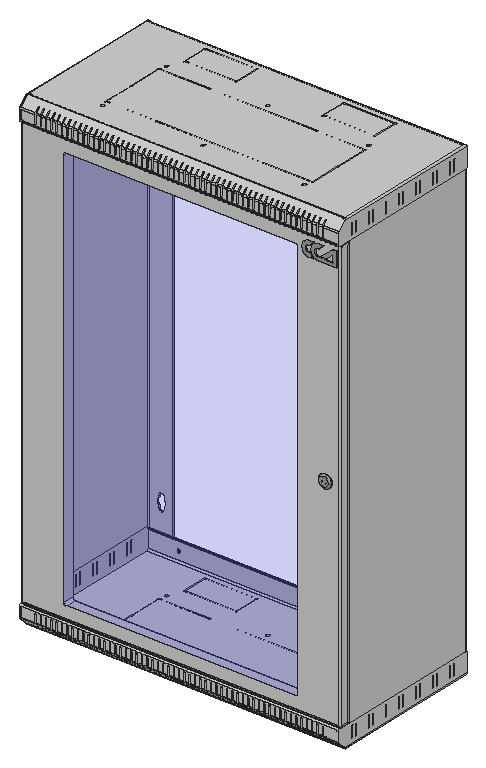
Revit family "Шкаф телекоммуникационный настенный сварной 19” 600х350", category Обобщенные модели, Revit 2019 (continued)
Definition of nested family "Крышка 300"
  Forms (mm)
    Extrusion 97, void, detail levels fine
      sketch origin (197.434, 67.262, -39.994) x (1, 0, 0) y (0, 1, 0)
        loop
          arc (31.066, 148.933) -> (32.566, 147.433) -> (34.066, 148.933) r 1.5
          line (34.066, 148.933) -> (34.066, 172.333)
          arc (34.066, 172.333) -> (32.566, 173.833) -> (31.066, 172.333) r 1.5
      from 339.994 to 300 <- "ADSK_Размер_Глубина"
    Extrusion 98, void, detail levels fine
      sketch origin (207.434, 67.262, -39.994) x (1, 0, 0) y (0, 1, 0)
        loop
          line (31.066, 172.333) -> (31.066, 148.933)
          arc (31.066, 148.933) -> (32.566, 147.433) -> (34.066, 148.933) r 1.5
          line (34.066, 148.933) -> (34.066, 172.333)
          arc (34.066, 172.333) -> (32.566, 173.833) -> (31.066, 172.333) r 1.5
      from 339.994 to 300 <- "ADSK_Размер_Глубина"
    Extrusion 99, void, detail levels fine
      sketch origin (217.434, 67.262, -39.994) x (1, 0, 0) y (0, 1, 0)
        loop
          line (31.066, 172.333) -> (31.066, 148.933)
          arc (31.066, 148.933) -> (32.566, 147.433) -> (34.066, 148.933) r 1.5
          line (34.066, 148.933) -> (34.066, 172.333)
          arc (34.066, 172.333) -> (32.566, 173.833) -> (31.066, 172.333) r 1.5
      from 339.994 to 300 <- "ADSK_Размер_Глубина"
    Extrusion 100, void, detail levels fine
      sketch origin (227.434, 67.262, -39.994) x (1, 0, 0) y (0, 1, 0)
        loop
          line (31.066, 172.333) -> (31.066, 148.933)
          arc (31.066, 148.933) -> (32.566, 147.433) -> (34.066, 148.933) r 1.5
          line (34.066, 148.933) -> (34.066, 172.333)
          arc (34.066, 172.333) -> (32.566, 173.833) -> (31.066, 172.333) r 1.5
      from 339.994 to 300 <- "ADSK_Размер_Глубина"
    Extrusion 101, void, detail levels fine
      sketch origin (237.434, 67.262, -39.994) x (1, 0, 0) y (0, 1, 0)
        loop
          line (31.066, 172.333) -> (31.066, 148.933)
          arc (31.066, 148.933) -> (32.566, 147.433) -> (34.066, 148.933) r 1.5
          line (34.066, 148.933) -> (34.066, 172.333)
          arc (34.066, 172.333) -> (32.566, 173.833) -> (31.066, 172.333) r 1.5
      from 339.994 to 300 <- "ADSK_Размер_Глубина"
    Extrusion 102, void, detail levels fine
      sketch origin (0, 0, 0) x (1, 0, 0) y (0, 1, 0)
        loop
          circle (-240, 230) r 3.25
        loop
          circle (240, 230) r 3.25
      from 0 to 1
    Extrusion 103, void, detail levels fine
      sketch origin (0, 0, -44.506) x (0, 1, 0) y (0, 0, -1)
        loop
          arc (238.196, -276.499) -> (239.942, -274.752) -> (238.196, -273.006) r 1.747
          line (238.196, -273.006) -> (216.196, -273.006)
          arc (216.196, -273.006) -> (214.449, -274.752) -> (216.196, -276.499) r 1.747
          line (216.196, -276.499) -> (238.196, -276.499)
      from 299 to 300
    Extrusion 104, void, detail levels fine
      sketch origin (0, 0, -34.506) x (0, 1, 0) y (0, 0, -1)
        loop
          arc (238.196, -276.499) -> (239.942, -274.752) -> (238.196, -273.006) r 1.747
          line (238.196, -273.006) -> (216.196, -273.006)
          arc (216.196, -273.006) -> (214.449, -274.752) -> (216.196, -276.499) r 1.747
          line (216.196, -276.499) -> (238.196, -276.499)
      from 299 to 300
    Extrusion 105, void, detail levels fine
      sketch origin (0, 0, -24.506) x (0, 1, 0) y (0, 0, -1)
        loop
          arc (238.196, -276.499) -> (239.942, -274.752) -> (238.196, -273.006) r 1.747
          line (238.196, -273.006) -> (216.196, -273.006)
          arc (216.196, -273.006) -> (214.449, -274.752) -> (216.196, -276.499) r 1.747
          line (216.196, -276.499) -> (238.196, -276.499)
      from 299 to 300
    Extrusion 106, void, detail levels fine
      sketch origin (0, 0, -14.506) x (0, 1, 0) y (0, 0, -1)
        loop
          arc (238.196, -276.499) -> (239.942, -274.752) -> (238.196, -273.006) r 1.747
          line (238.196, -273.006) -> (216.196, -273.006)
          arc (216.196, -273.006) -> (214.449, -274.752) -> (216.196, -276.499) r 1.747
          line (216.196, -276.499) -> (238.196, -276.499)
      from 299 to 300
    Extrusion 107, void, detail levels fine
      sketch origin (0, 0, -4.506) x (0, 1, 0) y (0, 0, -1)
        loop
          arc (238.196, -276.499) -> (239.942, -274.752) -> (238.196, -273.006) r 1.747
          line (238.196, -273.006) -> (216.196, -273.006)
          arc (216.196, -273.006) -> (214.449, -274.752) -> (216.196, -276.499) r 1.747
          line (216.196, -276.499) -> (238.196, -276.499)
      from 299 to 300
    Extrusion 108, void, detail levels fine
      sketch origin (0, 0, -44.506) x (0, 1, 0) y (0, 0, 1)
        loop
          line (238.196, 276.499) -> (216.196, 276.499)
          arc (216.196, 276.499) -> (214.449, 274.752) -> (216.196, 273.006) r 1.747
          line (216.196, 273.006) -> (238.196, 273.006)
          arc (238.196, 273.006) -> (239.942, 274.752) -> (238.196, 276.499) r 1.747
      from 299 to 300
    Extrusion 109, void, detail levels fine
      sketch origin (0, 0, -34.506) x (0, 1, 0) y (0, 0, 1)
        loop
          line (238.196, 276.499) -> (216.196, 276.499)
          arc (216.196, 276.499) -> (214.449, 274.752) -> (216.196, 273.006) r 1.747
          line (216.196, 273.006) -> (238.196, 273.006)
          arc (238.196, 273.006) -> (239.942, 274.752) -> (238.196, 276.499) r 1.747
      from 299 to 300
    Extrusion 110, void, detail levels fine
      sketch origin (0, 0, -24.506) x (0, 1, 0) y (0, 0, 1)
        loop
          line (238.196, 276.499) -> (216.196, 276.499)
          arc (216.196, 276.499) -> (214.449, 274.752) -> (216.196, 273.006) r 1.747
          line (216.196, 273.006) -> (238.196, 273.006)
          arc (238.196, 273.006) -> (239.942, 274.752) -> (238.196, 276.499) r 1.747
      from 299 to 300
    Extrusion 111, void, detail levels fine
      sketch origin (0, 0, -14.506) x (0, 1, 0) y (0, 0, 1)
        loop
          line (238.196, 276.499) -> (216.196, 276.499)
          arc (216.196, 276.499) -> (214.449, 274.752) -> (216.196, 273.006) r 1.747
          line (216.196, 273.006) -> (238.196, 273.006)
          arc (238.196, 273.006) -> (239.942, 274.752) -> (238.196, 276.499) r 1.747
      from 299 to 300
    Extrusion 112, void, detail levels fine
      sketch origin (0, 0, -4.506) x (0, 1, 0) y (0, 0, 1)
        loop
          line (238.196, 276.499) -> (216.196, 276.499)
          arc (216.196, 276.499) -> (214.449, 274.752) -> (216.196, 273.006) r 1.747
          line (216.196, 273.006) -> (238.196, 273.006)
          arc (238.196, 273.006) -> (239.942, 274.752) -> (238.196, 276.499) r 1.747
      from 299 to 300
  Cuts and joins
    Extrusion 3, Extrusion 4, Extrusion 5, Extrusion 6, Extrusion 7, Extrusion 8, Extrusion 9, Extrusion 10, Extrusion 11, Extrusion 12, Extrusion 13, Extrusion 14, Extrusion 15, Extrusion 16, Extrusion 17, Extrusion 18, Extrusion 19, Extrusion 20, Extrusion 21, Extrusion 22, Extrusion 23, Extrusion 24, Extrusion 25, Extrusion 26, Extrusion 27, Extrusion 28, Extrusion 29, Extrusion 30, Extrusion 31, Extrusion 32, Extrusion 33, Extrusion 34, Extrusion 35, Extrusion 36, Extrusion 37, Extrusion 38, Extrusion 39, Extrusion 40, Extrusion 41, Extrusion 42, Extrusion 43, Extrusion 44, Extrusion 45, Extrusion 46, Extrusion 47, Extrusion 48, Extrusion 49, Extrusion 50, Extrusion 51, Extrusion 52, Extrusion 53, Extrusion 54, Extrusion 55, Extrusion 56, Extrusion 57, Extrusion 58, Extrusion 59, Extrusion 60, Extrusion 61, Extrusion 62, Extrusion 63, Extrusion 64, Extrusion 65, Extrusion 66, Extrusion 67, Extrusion 68, Extrusion 69, Extrusion 70, Extrusion 71, Extrusion 72, Extrusion 73, Extrusion 74, Extrusion 75, Extrusion 76, Extrusion 77, Extrusion 78, Extrusion 79, Extrusion 80, Extrusion 81, Extrusion 82, Extrusion 83, Extrusion 84, Extrusion 85, Extrusion 86, Extrusion 87, Extrusion 88, Extrusion 89, Extrusion 90, Extrusion 91, Extrusion 92, Extrusion 93, Extrusion 94, Extrusion 95, Extrusion 96, Extrusion 97, Extrusion 98, Extrusion 99, Extrusion 100, Extrusion 101, Extrusion 102, Extrusion 103, Extrusion 104, Extrusion 105, Extrusion 106, Extrusion 107, Extrusion 108, Extrusion 109, Extrusion 110, Extrusion 111, Extrusion 112 cuts Extrusion 2
  Lines and regions (mm)
    reference lines
      curve 1: line (-1.5, 227.896, 0) -> (1.5, 227.896, 0)
      curve 2: line (299, 0, 0) -> (299, 0, 300)
      curve 3: line (-299, 0, 300) -> (-299, 0, 0)
  Dimensions and locks
    equal spacing: plane 5, plane 3 "По центру (Влево/Вправо)", plane 4
    "ADSK_Размер_Ширина": plane 5 to plane 4
    "ADSK_Размер_Глубина": Extrusion 1 to plane 8
    locked: Extrusion 2 to plane 6 at 40
    aligned and locked: plane 2 to Extrusion 1
    aligned and locked: level to Extrusion 1
    aligned and locked: Extrusion 2 to level
    aligned and locked: Extrusion 2 to plane 8
    aligned and locked: plane 4 to Extrusion 2
    aligned and locked: Extrusion 2 to plane 5
    aligned and locked: Extrusion 7 to plane 6
    aligned and locked: Extrusion 5 to plane 6
    aligned and locked: plane 4 to Extrusion 5
    aligned and locked: Extrusion 4 to plane 6
    aligned and locked: Extrusion 4 to plane 5
    aligned and locked: curve 2 to Extrusion 8
  Automatic sketch dimensions
    curve 1 to curve 1 = 3 mm
    Extrusion 1 sketch curve to Extrusion 1 sketch curve = 2438.4 mm  (x2)
    Extrusion 2 sketch curve to level = 0 mm
    plane 8 to Extrusion 2 sketch curve = 0 mm
    Extrusion 2 sketch curve to plane 6 = 0 mm
    plane 6 to Extrusion 2 sketch curve = 0.879 mm
    level to Extrusion 2 sketch curve = 3 mm  (x2)
    plane 6 to Extrusion 2 sketch curve = 3 mm
    plane 8 to Extrusion 2 sketch curve = 0.879 mm
    plane 6 to Extrusion 2 sketch curve = 16.098 mm
    Extrusion 2 sketch curve to Extrusion 2 sketch curve = 2.121 mm
    Extrusion 2 sketch curve to Extrusion 2 sketch curve = 34 mm
    Extrusion 2 sketch curve to Extrusion 2 sketch curve = 3 mm
    plane 8 to Extrusion 2 sketch curve = 18.22 mm
    plane 5 to Extrusion 3 sketch curve = 28.5 mm
    Extrusion 3 sketch curve to Extrusion 3 sketch curve = 1.5 mm
    plane 6 to Extrusion 3 sketch curve = 33.804 mm
    plane 6 to Extrusion 3 sketch curve = 10.404 mm
    Extrusion 4 sketch curve to plane 5 = 0 mm  (x2)
    plane 6 to Extrusion 4 sketch curve = 0 mm  (x2)
    plane 5 to Extrusion 4 sketch curve = 3.029 mm
    Extrusion 4 sketch curve to Extrusion 4 sketch curve = 0 mm  (x2)
    Extrusion 5 sketch curve to plane 4 = 0 mm  (x2)
    plane 6 to Extrusion 5 sketch curve = 0 mm  (x2)
    plane 4 to Extrusion 5 sketch curve = 3.029 mm
    Extrusion 5 sketch curve to Extrusion 5 sketch curve = 0 mm  (x2)
    curve 1 to plane 3 "По центру (Влево/Вправо)" = 1.5 mm
    plane 3 "По центру (Влево/Вправо)" to curve 1 = 1.5 mm
    plane 6 to curve 1 = 22.104 mm
    plane 6 to Extrusion 6 sketch curve = 33.804 mm
    plane 6 to Extrusion 6 sketch curve = 11.804 mm
    level to Extrusion 6 sketch curve = 28.5 mm
    Extrusion 6 sketch curve to Extrusion 6 sketch curve = 1.747 mm
    Extrusion 7 sketch curve to plane 3 "По центру (Влево/Вправо)" = 0 mm  (x2)
    Extrusion 7 sketch curve to plane 3 "По центру (Влево/Вправо)" = 80 mm
    Extrusion 7 sketch curve to Extrusion 7 sketch curve = 2 mm  (x16)
    Extrusion 7 sketch curve to Extrusion 7 sketch curve = 1 mm  (x10)
    Extrusion 7 sketch curve to plane 3 "По центру (Влево/Вправо)" = 100 mm
    Extrusion 7 sketch curve to Extrusion 7 sketch curve = 17 mm  (x2)
    Extrusion 7 sketch curve to Extrusion 7 sketch curve = 76 mm  (x2)
    level to Extrusion 7 sketch curve = 15 mm  (x2)
    Extrusion 7 sketch curve to Extrusion 7 sketch curve = 0 mm  (x17)
    Extrusion 7 sketch curve to Extrusion 7 sketch curve = 9.7 mm  (x2)
    Extrusion 7 sketch curve to Extrusion 7 sketch curve = 88.7 mm  (x2)
    Extrusion 7 sketch curve to Extrusion 7 sketch curve = 3.3 mm  (x3)
    plane 3 "По центру (Влево/Вправо)" to Extrusion 7 sketch curve = 80 mm
    plane 3 "По центру (Влево/Вправо)" to Extrusion 7 sketch curve = 100 mm
    Extrusion 7 sketch curve to Extrusion 7 sketch curve = 46 mm  (x2)
    Extrusion 7 sketch curve to Extrusion 7 sketch curve = 27.5 mm  (x3)
    Extrusion 7 sketch curve to Extrusion 7 sketch curve = 40 mm  (x2)
    Extrusion 7 sketch curve to Extrusion 7 sketch curve = 60 mm  (x3)
    plane 8 to Extrusion 7 sketch curve = 71 mm
    Extrusion 7 sketch curve to Extrusion 7 sketch curve = 12.5 mm  (x2)
    plane 8 to Extrusion 7 sketch curve = 56.5 mm
    plane 8 to Extrusion 8 sketch curve = 3.875 mm
    plane 6 to Extrusion 8 sketch curve = 40 mm
    Extrusion 8 sketch curve to Extrusion 8 sketch curve = 0.847 mm  (x2)
    level to Extrusion 8 sketch curve = 0.911 mm
    Extrusion 8 sketch curve to Extrusion 8 sketch curve = 3 mm  (x2)
    Extrusion 8 sketch curve to Extrusion 8 sketch curve = 17.812 mm
    plane 8 to Extrusion 8 sketch curve = 1.753 mm
    Extrusion 8 sketch curve to Extrusion 8 sketch curve = 2.121 mm
    plane 6 to Extrusion 8 sketch curve = 4 mm
    plane 6 to Extrusion 8 sketch curve = 3.997 mm
    plane 6 to Extrusion 8 sketch curve = 1.878 mm
    plane 6 to Extrusion 8 sketch curve = 1 mm
    plane 8 to Extrusion 8 sketch curve = 18.215 mm
    curve 3 to plane 8 = 0 mm
    curve 3 to level = 0 mm
    curve 2 to plane 8 = 0 mm
    curve 2 to level = 0 mm
    plane 5 to curve 3 = 1 mm
    curve 2 to plane 4 = 1 mm
    plane 6 to Extrusion 9 sketch curve = 33.804 mm
    plane 6 to Extrusion 9 sketch curve = 11.804 mm
    level to Extrusion 9 sketch curve = 38.5 mm
    Extrusion 9 sketch curve to Extrusion 9 sketch curve = 1.747 mm
    plane 6 to Extrusion 10 sketch curve = 33.804 mm
    plane 6 to Extrusion 10 sketch curve = 11.804 mm
    level to Extrusion 10 sketch curve = 48.5 mm
    Extrusion 10 sketch curve to Extrusion 10 sketch curve = 1.747 mm
    plane 6 to Extrusion 11 sketch curve = 33.804 mm
    plane 6 to Extrusion 11 sketch curve = 11.804 mm
    level to Extrusion 11 sketch curve = 58.5 mm
    Extrusion 11 sketch curve to Extrusion 11 sketch curve = 1.747 mm
    plane 6 to Extrusion 12 sketch curve = 33.804 mm
    plane 6 to Extrusion 12 sketch curve = 11.804 mm
    level to Extrusion 12 sketch curve = 68.5 mm
    Extrusion 12 sketch curve to Extrusion 12 sketch curve = 1.747 mm
    plane 6 to Extrusion 13 sketch curve = 33.804 mm
    plane 6 to Extrusion 13 sketch curve = 11.804 mm
    level to Extrusion 13 sketch curve = 78.5 mm
    Extrusion 13 sketch curve to Extrusion 13 sketch curve = 1.747 mm
    plane 6 to Extrusion 14 sketch curve = 33.804 mm
    plane 6 to Extrusion 14 sketch curve = 11.804 mm
    level to Extrusion 14 sketch curve = 88.5 mm
    Extrusion 14 sketch curve to Extrusion 14 sketch curve = 1.747 mm
    plane 6 to Extrusion 15 sketch curve = 33.804 mm
    plane 6 to Extrusion 15 sketch curve = 11.804 mm
    level to Extrusion 15 sketch curve = 98.5 mm
    Extrusion 15 sketch curve to Extrusion 15 sketch curve = 1.747 mm
    plane 6 to Extrusion 16 sketch curve = 33.804 mm
    plane 6 to Extrusion 16 sketch curve = 11.804 mm
    level to Extrusion 16 sketch curve = 108.5 mm
    Extrusion 16 sketch curve to Extrusion 16 sketch curve = 1.747 mm
    plane 6 to Extrusion 17 sketch curve = 33.804 mm
    plane 6 to Extrusion 17 sketch curve = 11.804 mm
    level to Extrusion 17 sketch curve = 118.5 mm
    Extrusion 17 sketch curve to Extrusion 17 sketch curve = 1.747 mm
    plane 6 to Extrusion 18 sketch curve = 33.804 mm
    plane 6 to Extrusion 18 sketch curve = 11.804 mm
    level to Extrusion 18 sketch curve = 128.5 mm
    Extrusion 18 sketch curve to Extrusion 18 sketch curve = 1.747 mm
    plane 6 to Extrusion 19 sketch curve = 33.804 mm
    plane 6 to Extrusion 19 sketch curve = 11.804 mm
    level to Extrusion 19 sketch curve = 138.5 mm
    Extrusion 19 sketch curve to Extrusion 19 sketch curve = 1.747 mm
    plane 6 to Extrusion 20 sketch curve = 33.804 mm
    plane 6 to Extrusion 20 sketch curve = 11.804 mm
    level to Extrusion 20 sketch curve = 148.5 mm
    Extrusion 20 sketch curve to Extrusion 20 sketch curve = 1.747 mm
    plane 6 to Extrusion 21 sketch curve = 33.804 mm
    plane 6 to Extrusion 21 sketch curve = 11.804 mm
    plane 8 to Extrusion 21 sketch curve = 141.5 mm
    Extrusion 21 sketch curve to Extrusion 21 sketch curve = 1.747 mm
    plane 6 to Extrusion 22 sketch curve = 33.804 mm
    plane 6 to Extrusion 22 sketch curve = 11.804 mm
    plane 8 to Extrusion 22 sketch curve = 131.5 mm
    Extrusion 22 sketch curve to Extrusion 22 sketch curve = 1.747 mm
    plane 6 to Extrusion 23 sketch curve = 33.804 mm
    plane 6 to Extrusion 23 sketch curve = 11.804 mm
    plane 8 to Extrusion 23 sketch curve = 121.5 mm
    Extrusion 23 sketch curve to Extrusion 23 sketch curve = 1.747 mm
    plane 6 to Extrusion 24 sketch curve = 33.804 mm
    plane 6 to Extrusion 24 sketch curve = 11.804 mm
    plane 8 to Extrusion 24 sketch curve = 111.5 mm
    Extrusion 24 sketch curve to Extrusion 24 sketch curve = 1.747 mm
    plane 6 to Extrusion 25 sketch curve = 33.804 mm
    plane 6 to Extrusion 25 sketch curve = 11.804 mm
    plane 8 to Extrusion 25 sketch curve = 101.5 mm
    Extrusion 25 sketch curve to Extrusion 25 sketch curve = 1.747 mm
    plane 6 to Extrusion 26 sketch curve = 33.804 mm
    plane 6 to Extrusion 26 sketch curve = 11.804 mm
    plane 8 to Extrusion 26 sketch curve = 91.5 mm
    Extrusion 26 sketch curve to Extrusion 26 sketch curve = 1.747 mm
    plane 6 to Extrusion 27 sketch curve = 33.804 mm
    plane 6 to Extrusion 27 sketch curve = 11.804 mm
    plane 8 to Extrusion 27 sketch curve = 81.5 mm
    Extrusion 27 sketch curve to Extrusion 27 sketch curve = 1.747 mm
    plane 6 to Extrusion 28 sketch curve = 33.804 mm
    plane 6 to Extrusion 28 sketch curve = 11.804 mm
    plane 8 to Extrusion 28 sketch curve = 118.007 mm
    Extrusion 28 sketch curve to Extrusion 28 sketch curve = 1.747 mm
    plane 6 to Extrusion 29 sketch curve = 33.804 mm
    plane 6 to Extrusion 29 sketch curve = 11.804 mm
    plane 8 to Extrusion 29 sketch curve = 108.007 mm
    Extrusion 29 sketch curve to Extrusion 29 sketch curve = 1.747 mm
    plane 6 to Extrusion 30 sketch curve = 33.804 mm
    plane 6 to Extrusion 30 sketch curve = 11.804 mm
    plane 8 to Extrusion 30 sketch curve = 98.007 mm
    Extrusion 30 sketch curve to Extrusion 30 sketch curve = 1.747 mm
    plane 6 to Extrusion 31 sketch curve = 33.804 mm
    plane 6 to Extrusion 31 sketch curve = 11.804 mm
    plane 8 to Extrusion 31 sketch curve = 88.007 mm
    Extrusion 31 sketch curve to Extrusion 31 sketch curve = 1.747 mm
    plane 6 to Extrusion 32 sketch curve = 33.804 mm
    plane 6 to Extrusion 32 sketch curve = 11.804 mm
    plane 8 to Extrusion 32 sketch curve = 78.007 mm
    Extrusion 32 sketch curve to Extrusion 32 sketch curve = 1.747 mm
    plane 6 to Extrusion 33 sketch curve = 33.804 mm
    plane 6 to Extrusion 33 sketch curve = 11.804 mm
    level to Extrusion 33 sketch curve = 131.993 mm
    Extrusion 33 sketch curve to Extrusion 33 sketch curve = 1.747 mm
    plane 6 to Extrusion 34 sketch curve = 33.804 mm
    plane 6 to Extrusion 34 sketch curve = 11.804 mm
    level to Extrusion 34 sketch curve = 141.993 mm
    Extrusion 34 sketch curve to Extrusion 34 sketch curve = 1.747 mm
    plane 6 to Extrusion 35 sketch curve = 33.804 mm
    plane 6 to Extrusion 35 sketch curve = 11.804 mm
    plane 8 to Extrusion 35 sketch curve = 148.007 mm
    Extrusion 35 sketch curve to Extrusion 35 sketch curve = 1.747 mm
    plane 6 to Extrusion 36 sketch curve = 33.804 mm
    plane 6 to Extrusion 36 sketch curve = 11.804 mm
    plane 8 to Extrusion 36 sketch curve = 138.007 mm
    Extrusion 36 sketch curve to Extrusion 36 sketch curve = 1.747 mm
    plane 6 to Extrusion 37 sketch curve = 33.804 mm
    plane 6 to Extrusion 37 sketch curve = 11.804 mm
    plane 8 to Extrusion 37 sketch curve = 128.007 mm
    Extrusion 37 sketch curve to Extrusion 37 sketch curve = 1.747 mm
    plane 6 to Extrusion 38 sketch curve = 33.804 mm
    plane 6 to Extrusion 38 sketch curve = 11.804 mm
    level to Extrusion 38 sketch curve = 81.993 mm
    Extrusion 38 sketch curve to Extrusion 38 sketch curve = 1.747 mm
    plane 6 to Extrusion 39 sketch curve = 33.804 mm
    plane 6 to Extrusion 39 sketch curve = 11.804 mm
    level to Extrusion 39 sketch curve = 91.993 mm
    Extrusion 39 sketch curve to Extrusion 39 sketch curve = 1.747 mm
    plane 6 to Extrusion 40 sketch curve = 33.804 mm
    plane 6 to Extrusion 40 sketch curve = 11.804 mm
    level to Extrusion 40 sketch curve = 101.993 mm
    Extrusion 40 sketch curve to Extrusion 40 sketch curve = 1.747 mm
    plane 6 to Extrusion 41 sketch curve = 33.804 mm
    plane 6 to Extrusion 41 sketch curve = 11.804 mm
    level to Extrusion 41 sketch curve = 111.993 mm
    Extrusion 41 sketch curve to Extrusion 41 sketch curve = 1.747 mm
    plane 6 to Extrusion 42 sketch curve = 33.804 mm
    plane 6 to Extrusion 42 sketch curve = 11.804 mm
    level to Extrusion 42 sketch curve = 121.993 mm
    Extrusion 42 sketch curve to Extrusion 42 sketch curve = 1.747 mm
    plane 6 to Extrusion 43 sketch curve = 33.804 mm
    plane 6 to Extrusion 43 sketch curve = 11.804 mm
    level to Extrusion 43 sketch curve = 31.993 mm
    Extrusion 43 sketch curve to Extrusion 43 sketch curve = 1.747 mm
    plane 6 to Extrusion 44 sketch curve = 33.804 mm
    plane 6 to Extrusion 44 sketch curve = 11.804 mm
    level to Extrusion 44 sketch curve = 41.993 mm
    Extrusion 44 sketch curve to Extrusion 44 sketch curve = 1.747 mm
    plane 6 to Extrusion 45 sketch curve = 33.804 mm
    plane 6 to Extrusion 45 sketch curve = 11.804 mm
    level to Extrusion 45 sketch curve = 51.993 mm
    Extrusion 45 sketch curve to Extrusion 45 sketch curve = 1.747 mm
    plane 6 to Extrusion 46 sketch curve = 33.804 mm
    plane 6 to Extrusion 46 sketch curve = 11.804 mm
    level to Extrusion 46 sketch curve = 61.993 mm
    Extrusion 46 sketch curve to Extrusion 46 sketch curve = 1.747 mm
    plane 6 to Extrusion 47 sketch curve = 33.804 mm
    plane 6 to Extrusion 47 sketch curve = 11.804 mm
    level to Extrusion 47 sketch curve = 71.993 mm
    Extrusion 47 sketch curve to Extrusion 47 sketch curve = 1.747 mm
    plane 6 to Extrusion 48 sketch curve = 10.404 mm
    plane 5 to Extrusion 48 sketch curve = 38.5 mm
    Extrusion 48 sketch curve to Extrusion 48 sketch curve = 1.5 mm
    Extrusion 48 sketch curve to Extrusion 48 sketch curve = 23.4 mm
    plane 6 to Extrusion 49 sketch curve = 10.404 mm
    plane 5 to Extrusion 49 sketch curve = 48.5 mm
    Extrusion 49 sketch curve to Extrusion 49 sketch curve = 1.5 mm
    Extrusion 49 sketch curve to Extrusion 49 sketch curve = 23.4 mm
    plane 6 to Extrusion 50 sketch curve = 10.404 mm
    plane 5 to Extrusion 50 sketch curve = 58.5 mm
    Extrusion 50 sketch curve to Extrusion 50 sketch curve = 1.5 mm
    Extrusion 50 sketch curve to Extrusion 50 sketch curve = 23.4 mm
    plane 6 to Extrusion 51 sketch curve = 10.404 mm
    plane 5 to Extrusion 51 sketch curve = 68.5 mm
    Extrusion 51 sketch curve to Extrusion 51 sketch curve = 1.5 mm
    Extrusion 51 sketch curve to Extrusion 51 sketch curve = 23.4 mm
    plane 6 to Extrusion 52 sketch curve = 10.404 mm
    plane 5 to Extrusion 52 sketch curve = 78.5 mm
    Extrusion 52 sketch curve to Extrusion 52 sketch curve = 1.5 mm
    Extrusion 52 sketch curve to Extrusion 52 sketch curve = 23.4 mm
    plane 6 to Extrusion 53 sketch curve = 10.404 mm
    plane 5 to Extrusion 53 sketch curve = 88.5 mm
    Extrusion 53 sketch curve to Extrusion 53 sketch curve = 1.5 mm
    Extrusion 53 sketch curve to Extrusion 53 sketch curve = 23.4 mm
    plane 6 to Extrusion 54 sketch curve = 10.404 mm
    plane 5 to Extrusion 54 sketch curve = 98.5 mm
    Extrusion 54 sketch curve to Extrusion 54 sketch curve = 1.5 mm
    Extrusion 54 sketch curve to Extrusion 54 sketch curve = 23.4 mm
    plane 6 to Extrusion 55 sketch curve = 10.404 mm
    plane 5 to Extrusion 55 sketch curve = 108.5 mm
    Extrusion 55 sketch curve to Extrusion 55 sketch curve = 1.5 mm
    Extrusion 55 sketch curve to Extrusion 55 sketch curve = 23.4 mm
    plane 6 to Extrusion 56 sketch curve = 10.404 mm
    plane 5 to Extrusion 56 sketch curve = 118.5 mm
    Extrusion 56 sketch curve to Extrusion 56 sketch curve = 1.5 mm
    Extrusion 56 sketch curve to Extrusion 56 sketch curve = 23.4 mm
    plane 6 to Extrusion 57 sketch curve = 10.404 mm
    plane 5 to Extrusion 57 sketch curve = 128.5 mm
    Extrusion 57 sketch curve to Extrusion 57 sketch curve = 1.5 mm
    Extrusion 57 sketch curve to Extrusion 57 sketch curve = 23.4 mm
    plane 6 to Extrusion 58 sketch curve = 10.404 mm
    plane 5 to Extrusion 58 sketch curve = 138.5 mm
    Extrusion 58 sketch curve to Extrusion 58 sketch curve = 1.5 mm
    Extrusion 58 sketch curve to Extrusion 58 sketch curve = 23.4 mm
    plane 6 to Extrusion 59 sketch curve = 10.404 mm
    plane 5 to Extrusion 59 sketch curve = 148.5 mm
    Extrusion 59 sketch curve to Extrusion 59 sketch curve = 1.5 mm
    Extrusion 59 sketch curve to Extrusion 59 sketch curve = 23.4 mm
    plane 6 to Extrusion 60 sketch curve = 10.404 mm
    Extrusion 60 sketch curve to plane 3 "По центру (Влево/Вправо)" = 141.5 mm
    Extrusion 60 sketch curve to Extrusion 60 sketch curve = 1.5 mm
    Extrusion 60 sketch curve to Extrusion 60 sketch curve = 23.4 mm
    plane 6 to Extrusion 61 sketch curve = 10.404 mm
    Extrusion 61 sketch curve to plane 3 "По центру (Влево/Вправо)" = 131.5 mm
    Extrusion 61 sketch curve to Extrusion 61 sketch curve = 1.5 mm
    Extrusion 61 sketch curve to Extrusion 61 sketch curve = 23.4 mm
    plane 6 to Extrusion 62 sketch curve = 10.404 mm
    Extrusion 62 sketch curve to plane 3 "По центру (Влево/Вправо)" = 121.5 mm
    Extrusion 62 sketch curve to Extrusion 62 sketch curve = 1.5 mm
    Extrusion 62 sketch curve to Extrusion 62 sketch curve = 23.4 mm
    plane 6 to Extrusion 63 sketch curve = 10.404 mm
    Extrusion 63 sketch curve to plane 3 "По центру (Влево/Вправо)" = 111.5 mm
    Extrusion 63 sketch curve to Extrusion 63 sketch curve = 1.5 mm
    Extrusion 63 sketch curve to Extrusion 63 sketch curve = 23.4 mm
    plane 6 to Extrusion 64 sketch curve = 10.404 mm
    Extrusion 64 sketch curve to plane 3 "По центру (Влево/Вправо)" = 101.5 mm
    Extrusion 64 sketch curve to Extrusion 64 sketch curve = 1.5 mm
    Extrusion 64 sketch curve to Extrusion 64 sketch curve = 23.4 mm
    plane 6 to Extrusion 65 sketch curve = 10.404 mm
    Extrusion 65 sketch curve to plane 3 "По центру (Влево/Вправо)" = 91.5 mm
    Extrusion 65 sketch curve to Extrusion 65 sketch curve = 1.5 mm
    Extrusion 65 sketch curve to Extrusion 65 sketch curve = 23.4 mm
    plane 6 to Extrusion 66 sketch curve = 10.404 mm
    Extrusion 66 sketch curve to plane 3 "По центру (Влево/Вправо)" = 81.5 mm
    Extrusion 66 sketch curve to Extrusion 66 sketch curve = 1.5 mm
    Extrusion 66 sketch curve to Extrusion 66 sketch curve = 23.4 mm
    plane 6 to Extrusion 67 sketch curve = 10.404 mm
    Extrusion 67 sketch curve to plane 3 "По центру (Влево/Вправо)" = 71.5 mm
    Extrusion 67 sketch curve to Extrusion 67 sketch curve = 1.5 mm
    Extrusion 67 sketch curve to Extrusion 67 sketch curve = 23.4 mm
    plane 6 to Extrusion 68 sketch curve = 10.404 mm
    Extrusion 68 sketch curve to plane 3 "По центру (Влево/Вправо)" = 61.5 mm
    Extrusion 68 sketch curve to Extrusion 68 sketch curve = 1.5 mm
    Extrusion 68 sketch curve to Extrusion 68 sketch curve = 23.4 mm
    plane 6 to Extrusion 69 sketch curve = 10.404 mm
    Extrusion 69 sketch curve to plane 3 "По центру (Влево/Вправо)" = 51.5 mm
    Extrusion 69 sketch curve to Extrusion 69 sketch curve = 1.5 mm
    Extrusion 69 sketch curve to Extrusion 69 sketch curve = 23.4 mm
    plane 6 to Extrusion 70 sketch curve = 10.404 mm
    Extrusion 70 sketch curve to plane 3 "По центру (Влево/Вправо)" = 41.5 mm
    Extrusion 70 sketch curve to Extrusion 70 sketch curve = 1.5 mm
    Extrusion 70 sketch curve to Extrusion 70 sketch curve = 23.4 mm
    plane 6 to Extrusion 71 sketch curve = 10.404 mm
    Extrusion 71 sketch curve to plane 3 "По центру (Влево/Вправо)" = 31.5 mm
    Extrusion 71 sketch curve to Extrusion 71 sketch curve = 1.5 mm
    Extrusion 71 sketch curve to Extrusion 71 sketch curve = 23.4 mm
    Extrusion 72 sketch curve to plane 3 "По центру (Влево/Вправо)" = 21.5 mm
    Extrusion 72 sketch curve to Extrusion 72 sketch curve = 1.5 mm
    plane 6 to Extrusion 72 sketch curve = 33.804 mm
    plane 6 to Extrusion 72 sketch curve = 10.404 mm
    Extrusion 73 sketch curve to plane 3 "По центру (Влево/Вправо)" = 11.5 mm
    Extrusion 73 sketch curve to Extrusion 73 sketch curve = 1.5 mm
    plane 6 to Extrusion 73 sketch curve = 33.804 mm
    plane 6 to Extrusion 73 sketch curve = 10.404 mm
    Extrusion 74 sketch curve to plane 3 "По центру (Влево/Вправо)" = 0 mm
    Extrusion 74 sketch curve to plane 3 "По центру (Влево/Вправо)" = 1.5 mm
    plane 6 to Extrusion 74 sketch curve = 33.804 mm
    plane 6 to Extrusion 74 sketch curve = 10.404 mm
    plane 3 "По центру (Влево/Вправо)" to Extrusion 75 sketch curve = 8.5 mm
    Extrusion 75 sketch curve to Extrusion 75 sketch curve = 1.5 mm
    plane 6 to Extrusion 75 sketch curve = 33.804 mm
    plane 6 to Extrusion 75 sketch curve = 10.404 mm
    plane 3 "По центру (Влево/Вправо)" to Extrusion 76 sketch curve = 18.5 mm
    Extrusion 76 sketch curve to Extrusion 76 sketch curve = 1.5 mm
    plane 6 to Extrusion 76 sketch curve = 33.804 mm
    plane 6 to Extrusion 76 sketch curve = 10.404 mm
    plane 3 "По центру (Влево/Вправо)" to Extrusion 77 sketch curve = 28.5 mm
    Extrusion 77 sketch curve to Extrusion 77 sketch curve = 1.5 mm
    plane 6 to Extrusion 77 sketch curve = 33.804 mm
    plane 6 to Extrusion 77 sketch curve = 10.404 mm
    plane 6 to Extrusion 78 sketch curve = 10.404 mm
    plane 3 "По центру (Влево/Вправо)" to Extrusion 78 sketch curve = 38.5 mm
    Extrusion 78 sketch curve to Extrusion 78 sketch curve = 1.5 mm
    Extrusion 78 sketch curve to Extrusion 78 sketch curve = 23.4 mm
    plane 6 to Extrusion 79 sketch curve = 10.404 mm
    plane 3 "По центру (Влево/Вправо)" to Extrusion 79 sketch curve = 48.5 mm
    Extrusion 79 sketch curve to Extrusion 79 sketch curve = 1.5 mm
    Extrusion 79 sketch curve to Extrusion 79 sketch curve = 23.4 mm
    plane 6 to Extrusion 80 sketch curve = 10.404 mm
    plane 3 "По центру (Влево/Вправо)" to Extrusion 80 sketch curve = 58.5 mm
    Extrusion 80 sketch curve to Extrusion 80 sketch curve = 1.5 mm
    Extrusion 80 sketch curve to Extrusion 80 sketch curve = 23.4 mm
    plane 6 to Extrusion 81 sketch curve = 10.404 mm
    plane 3 "По центру (Влево/Вправо)" to Extrusion 81 sketch curve = 68.5 mm
    Extrusion 81 sketch curve to Extrusion 81 sketch curve = 1.5 mm
    Extrusion 81 sketch curve to Extrusion 81 sketch curve = 23.4 mm
    plane 6 to Extrusion 82 sketch curve = 10.404 mm
    plane 3 "По центру (Влево/Вправо)" to Extrusion 82 sketch curve = 78.5 mm
    Extrusion 82 sketch curve to Extrusion 82 sketch curve = 1.5 mm
    Extrusion 82 sketch curve to Extrusion 82 sketch curve = 23.4 mm
    plane 6 to Extrusion 83 sketch curve = 10.404 mm
    plane 3 "По центру (Влево/Вправо)" to Extrusion 83 sketch curve = 88.5 mm
    Extrusion 83 sketch curve to Extrusion 83 sketch curve = 1.5 mm
    Extrusion 83 sketch curve to Extrusion 83 sketch curve = 23.4 mm
    plane 6 to Extrusion 84 sketch curve = 10.404 mm
    plane 3 "По центру (Влево/Вправо)" to Extrusion 84 sketch curve = 98.5 mm
    Extrusion 84 sketch curve to Extrusion 84 sketch curve = 1.5 mm
    Extrusion 84 sketch curve to Extrusion 84 sketch curve = 23.4 mm
    plane 6 to Extrusion 85 sketch curve = 10.404 mm
    plane 3 "По центру (Влево/Вправо)" to Extrusion 85 sketch curve = 108.5 mm
    Extrusion 85 sketch curve to Extrusion 85 sketch curve = 1.5 mm
    Extrusion 85 sketch curve to Extrusion 85 sketch curve = 23.4 mm
    plane 6 to Extrusion 86 sketch curve = 10.404 mm
    plane 3 "По центру (Влево/Вправо)" to Extrusion 86 sketch curve = 118.5 mm
    Extrusion 86 sketch curve to Extrusion 86 sketch curve = 1.5 mm
    Extrusion 86 sketch curve to Extrusion 86 sketch curve = 23.4 mm
    plane 6 to Extrusion 87 sketch curve = 10.404 mm
    plane 3 "По центру (Влево/Вправо)" to Extrusion 87 sketch curve = 128.5 mm
    Extrusion 87 sketch curve to Extrusion 87 sketch curve = 1.5 mm
    Extrusion 87 sketch curve to Extrusion 87 sketch curve = 23.4 mm
    plane 6 to Extrusion 88 sketch curve = 10.404 mm
    plane 3 "По центру (Влево/Вправо)" to Extrusion 88 sketch curve = 138.5 mm
    Extrusion 88 sketch curve to Extrusion 88 sketch curve = 1.5 mm
    Extrusion 88 sketch curve to Extrusion 88 sketch curve = 23.4 mm
    plane 6 to Extrusion 89 sketch curve = 10.404 mm
    plane 3 "По центру (Влево/Вправо)" to Extrusion 89 sketch curve = 148.5 mm
    Extrusion 89 sketch curve to Extrusion 89 sketch curve = 1.5 mm
    Extrusion 89 sketch curve to Extrusion 89 sketch curve = 23.4 mm
    plane 6 to Extrusion 90 sketch curve = 10.404 mm
    Extrusion 90 sketch curve to plane 4 = 141.5 mm
    Extrusion 90 sketch curve to Extrusion 90 sketch curve = 1.5 mm
    Extrusion 90 sketch curve to Extrusion 90 sketch curve = 23.4 mm
    plane 6 to Extrusion 91 sketch curve = 10.404 mm
    Extrusion 91 sketch curve to plane 4 = 131.5 mm
    Extrusion 91 sketch curve to Extrusion 91 sketch curve = 1.5 mm
    Extrusion 91 sketch curve to Extrusion 91 sketch curve = 23.4 mm
    plane 6 to Extrusion 92 sketch curve = 10.404 mm
    Extrusion 92 sketch curve to plane 4 = 121.5 mm
    Extrusion 92 sketch curve to Extrusion 92 sketch curve = 1.5 mm
    Extrusion 92 sketch curve to Extrusion 92 sketch curve = 23.4 mm
    plane 6 to Extrusion 93 sketch curve = 10.404 mm
    Extrusion 93 sketch curve to plane 4 = 111.5 mm
    Extrusion 93 sketch curve to Extrusion 93 sketch curve = 1.5 mm
    Extrusion 93 sketch curve to Extrusion 93 sketch curve = 23.4 mm
    plane 6 to Extrusion 94 sketch curve = 10.404 mm
    Extrusion 94 sketch curve to plane 4 = 101.5 mm
    Extrusion 94 sketch curve to Extrusion 94 sketch curve = 1.5 mm
    Extrusion 94 sketch curve to Extrusion 94 sketch curve = 23.4 mm
    plane 6 to Extrusion 95 sketch curve = 10.404 mm
    Extrusion 95 sketch curve to plane 4 = 91.5 mm
    Extrusion 95 sketch curve to Extrusion 95 sketch curve = 1.5 mm
    Extrusion 95 sketch curve to Extrusion 95 sketch curve = 23.4 mm
    plane 6 to Extrusion 96 sketch curve = 10.404 mm
    Extrusion 96 sketch curve to plane 4 = 81.5 mm
    Extrusion 96 sketch curve to Extrusion 96 sketch curve = 1.5 mm
    Extrusion 96 sketch curve to Extrusion 96 sketch curve = 23.4 mm
    plane 6 to Extrusion 97 sketch curve = 10.404 mm
    Extrusion 97 sketch curve to plane 4 = 71.5 mm
    Extrusion 97 sketch curve to Extrusion 97 sketch curve = 1.5 mm
    Extrusion 97 sketch curve to Extrusion 97 sketch curve = 23.4 mm
    plane 6 to Extrusion 98 sketch curve = 10.404 mm
    Extrusion 98 sketch curve to plane 4 = 61.5 mm
    Extrusion 98 sketch curve to Extrusion 98 sketch curve = 1.5 mm
    Extrusion 98 sketch curve to Extrusion 98 sketch curve = 23.4 mm
    plane 6 to Extrusion 99 sketch curve = 10.404 mm
    Extrusion 99 sketch curve to plane 4 = 51.5 mm
    Extrusion 99 sketch curve to Extrusion 99 sketch curve = 1.5 mm
    Extrusion 99 sketch curve to Extrusion 99 sketch curve = 23.4 mm
    plane 6 to Extrusion 100 sketch curve = 10.404 mm
    Extrusion 100 sketch curve to plane 4 = 41.5 mm
    Extrusion 100 sketch curve to Extrusion 100 sketch curve = 1.5 mm
    Extrusion 100 sketch curve to Extrusion 100 sketch curve = 23.4 mm
    plane 6 to Extrusion 101 sketch curve = 10.404 mm
    Extrusion 101 sketch curve to plane 4 = 31.5 mm
    Extrusion 101 sketch curve to Extrusion 101 sketch curve = 1.5 mm
    Extrusion 101 sketch curve to Extrusion 101 sketch curve = 23.4 mm
    plane 6 to Extrusion 102 sketch curve = 20 mm  (x2)
    plane 5 to Extrusion 102 sketch curve = 60 mm
    Extrusion 102 sketch curve to plane 4 = 60 mm
    plane 6 to Extrusion 103 sketch curve = 33.804 mm
    plane 6 to Extrusion 103 sketch curve = 11.804 mm
    plane 8 to Extrusion 103 sketch curve = 68.007 mm
    Extrusion 103 sketch curve to Extrusion 103 sketch curve = 1.747 mm
    plane 6 to Extrusion 104 sketch curve = 33.804 mm
    plane 6 to Extrusion 104 sketch curve = 11.804 mm
    plane 8 to Extrusion 104 sketch curve = 58.007 mm
    Extrusion 104 sketch curve to Extrusion 104 sketch curve = 1.747 mm
    plane 6 to Extrusion 105 sketch curve = 33.804 mm
    plane 6 to Extrusion 105 sketch curve = 11.804 mm
    plane 8 to Extrusion 105 sketch curve = 48.007 mm
    Extrusion 105 sketch curve to Extrusion 105 sketch curve = 1.747 mm
    plane 6 to Extrusion 106 sketch curve = 33.804 mm
    plane 6 to Extrusion 106 sketch curve = 11.804 mm
    plane 8 to Extrusion 106 sketch curve = 38.007 mm
    Extrusion 106 sketch curve to Extrusion 106 sketch curve = 1.747 mm
    plane 6 to Extrusion 107 sketch curve = 33.804 mm
    plane 6 to Extrusion 107 sketch curve = 11.804 mm
    plane 8 to Extrusion 107 sketch curve = 28.007 mm
    Extrusion 107 sketch curve to Extrusion 107 sketch curve = 1.747 mm
    plane 6 to Extrusion 108 sketch curve = 33.804 mm
    plane 6 to Extrusion 108 sketch curve = 11.804 mm
    plane 8 to Extrusion 108 sketch curve = 71.5 mm
    Extrusion 108 sketch curve to Extrusion 108 sketch curve = 1.747 mm
    plane 6 to Extrusion 109 sketch curve = 33.804 mm
    plane 6 to Extrusion 109 sketch curve = 11.804 mm
    plane 8 to Extrusion 109 sketch curve = 61.5 mm
    Extrusion 109 sketch curve to Extrusion 109 sketch curve = 1.747 mm
    plane 6 to Extrusion 110 sketch curve = 33.804 mm
    plane 6 to Extrusion 110 sketch curve = 11.804 mm
    plane 8 to Extrusion 110 sketch curve = 51.5 mm
    Extrusion 110 sketch curve to Extrusion 110 sketch curve = 1.747 mm
    plane 6 to Extrusion 111 sketch curve = 33.804 mm
    plane 6 to Extrusion 111 sketch curve = 11.804 mm
    plane 8 to Extrusion 111 sketch curve = 41.5 mm
    Extrusion 111 sketch curve to Extrusion 111 sketch curve = 1.747 mm
    plane 6 to Extrusion 112 sketch curve = 33.804 mm
    plane 6 to Extrusion 112 sketch curve = 11.804 mm
    plane 8 to Extrusion 112 sketch curve = 31.5 mm
    Extrusion 112 sketch curve to Extrusion 112 sketch curve = 1.747 mm
    radius of Extrusion 7 sketch curve = 3.3 mm  (x6)
    radius of Extrusion 102 sketch curve = 3.25 mm  (x2)
Definition of nested family "Дверь_С"
  Parameters (values of type "Дверь_С")
    Ширина = 600 mm
    ADSK_Размер_Высота [instance] = 500 mm
  Reference planes
    plane 1 "По центру (Вперед/Назад)": y = 0
    plane 2: z = 0
    plane 3 "По центру (Влево/Вправо)": x = 0
    plane 4: z = 250
    plane 5: z = -250
    plane 6: x = -300
    plane 7: x = 300
  Forms (mm)
    Extrusion 1, solid, detail levels medium+fine
      sketch origin (0, 0, 0) x (1, 0, 0) y (0, 0, 1)
        loop
          line (297, 250) -> (-297, 250)
          arc (-297, 250) -> (-299.121, 249.121) -> (-300, 247) r 3
          line (-300, 247) -> (-300, -247)
          arc (-300, -247) -> (-299.121, -249.121) -> (-297, -250) r 3
          line (-297, -250) -> (297, -250)
          arc (297, -250) -> (299.121, -249.121) -> (300, -247) r 3
          line (300, -247) -> (300, 247)
          arc (300, 247) -> (299.121, 249.121) -> (297, 250) r 3
        loop
          arc (-215, 225) -> (-218.536, 223.536) -> (-220, 220) r 5
          line (-220, 220) -> (-220, -220)
          arc (-220, -220) -> (-218.536, -223.536) -> (-215, -225) r 5
          line (-215, -225) -> (215, -225)
          arc (215, -225) -> (218.536, -223.536) -> (220, -220) r 5
          line (220, -220) -> (220, 220)
          arc (220, 220) -> (218.536, 223.536) -> (215, 225) r 5
          line (215, 225) -> (-215, 225)
      from 0 to 20
    Extrusion 2, void, detail levels medium+fine
      sketch origin (0, 0, 0) x (1, 0, 0) y (0, 1, 0)
        loop
          line (-300, 0) -> (-300, -3)
          arc (-300, -3) -> (-299.121, -0.879) -> (-297, 0) r 3
          line (-297, 0) -> (-300, 0)
        loop
          line (300, 0) -> (297, 0)
          arc (297, 0) -> (299.121, -0.879) -> (300, -3) r 3
          line (300, -3) -> (300, 0)
        loop
          line (-300, -20) -> (-297, -20)
          arc (-297, -20) -> (-299.121, -19.121) -> (-300, -17) r 3
          line (-300, -17) -> (-300, -20)
        loop
          line (300, -20) -> (300, -17)
          arc (300, -17) -> (299.121, -19.121) -> (297, -20) r 3
          line (297, -20) -> (300, -20)
      from -250 to 250
    Extrusion 3, void, detail levels medium+fine
      sketch origin (0, 0, 0) x (0, 1, 0) y (0, 0, 1)
        loop
          line (0, 250) -> (-2.958, 250)
          arc (-2.958, 250) -> (-0.866, 249.134) -> (0, 247.042) r 2.958
          line (0, 247.042) -> (0, 250)
        loop
          line (0, -250) -> (0, -247.042)
          arc (0, -247.042) -> (-0.866, -249.134) -> (-2.958, -250) r 2.958
          line (-2.958, -250) -> (0, -250)
        loop
          line (-20, 250) -> (-20, 247.042)
          arc (-20, 247.042) -> (-19.134, 249.134) -> (-17.042, 250) r 2.958
          line (-17.042, 250) -> (-20, 250)
        loop
          line (-20, -250) -> (-17.042, -250)
          arc (-17.042, -250) -> (-19.134, -249.134) -> (-20, -247.042) r 2.958
          line (-20, -247.042) -> (-20, -250)
      from -300 to 300
    Extrusion 4, solid, detail levels medium+fine
      sketch origin (271.4, 0, 0) x (1, 0, 0) y (0, 0, 1)
        loop
          circle (0, 0) r 12
      from 20 to 21
    Blend 5, solid, detail levels medium+fine
      base sketch origin (143.882, 0, 0) x (1, 0, 0) y (0, 0, 1)
        loop
          circle (127.518, 0) r 12
      top sketch origin (143.882, 0, 0) x (1, 0, 0) y (0, 0, 1)
        loop
          circle (127.518, 0) r 9
      from 21 to 24
    Extrusion 6, void, detail levels medium+fine
      sketch origin (271.39, 0, -0.135) x (1, 0, 0) y (0, 0, 1)
        loop
          line (-3.979, 0.868) -> (-3.979, -0.615) -> (3.999, -0.615) -> (3.999, 0.868) -> (-3.979, 0.868)
      from 24 to 22
    Extrusion 7, solid, detail levels medium+fine
      sketch origin (0, 0, 22.042) x (1, 0, 0) y (0, 0, 1)
        loop
          arc (-215, 202.958) -> (-218.536, 201.494) -> (-220, 197.958) r 5
          line (-220, 197.958) -> (-220, -242.042)
          arc (-220, -242.042) -> (-218.536, -245.577) -> (-215, -247.042) r 5
          line (-215, -247.042) -> (215, -247.042)
          arc (215, -247.042) -> (218.536, -245.577) -> (220, -242.042) r 5
          line (220, -242.042) -> (220, 197.958)
          arc (220, 197.958) -> (218.536, 201.494) -> (215, 202.958) r 5
          line (215, 202.958) -> (-215, 202.958)
      from 20 to 0
  Cuts and joins
    Extrusion 2, Extrusion 3 cuts Extrusion 1
    Extrusion 6 cuts Blend 5
  Dimensions and locks
    equal spacing: plane 4, level, plane 5
    "ADSK_Размер_Высота": plane 4 to plane 5
    equal spacing: plane 7, plane 3 "По центру (Влево/Вправо)", plane 6
    "Ширина": plane 7 to plane 6
    locked: Extrusion 1 to Extrusion 1 at 20
    aligned and locked: level to plane 2
    aligned and locked: Extrusion 1 to plane 1 "По центру (Вперед/Назад)"
    aligned and locked: plane 4 to Extrusion 1
    aligned and locked: plane 7 to Extrusion 1
    aligned and locked: Extrusion 1 to plane 6
    aligned and locked: Extrusion 1 to plane 5
    aligned and locked: Extrusion 2 to plane 6  (x2)
    aligned and locked: Extrusion 2 to plane 1 "По центру (Вперед/Назад)"  (x2)
    aligned and locked: Extrusion 2 to Extrusion 1
    aligned and locked: plane 7 to Extrusion 2  (x2)
    aligned and locked: Extrusion 1 to Extrusion 2
    aligned and locked: plane 4 to Extrusion 2
    aligned and locked: Extrusion 2 to plane 5
    aligned and locked: plane 4 to Extrusion 3  (x2)
    aligned and locked: Extrusion 1 to Extrusion 3
    aligned and locked: Extrusion 3 to plane 1 "По центру (Вперед/Назад)"  (x2)
    aligned and locked: Extrusion 3 to plane 5  (x2)
    aligned and locked: Extrusion 3 to Extrusion 1
    aligned and locked: plane 7 to Extrusion 3
    aligned and locked: Extrusion 3 to plane 6
  Automatic sketch dimensions
    plane 1 "По центру (Вперед/Назад)" to Extrusion 2 sketch curve = 0 mm  (x2)
    Extrusion 2 sketch curve to plane 6 = 0 mm  (x2)
    Extrusion 2 sketch curve to plane 7 = 0 mm
    plane 7 to Extrusion 2 sketch curve = 0 mm
    plane 6 to Extrusion 2 sketch curve = 3 mm  (x2)
    Extrusion 2 sketch curve to plane 7 = 3 mm
    Extrusion 2 sketch curve to Extrusion 2 sketch curve = 3 mm
    Extrusion 2 sketch curve to Extrusion 2 sketch curve = 14 mm  (x2)
    Extrusion 3 sketch curve to plane 4 = 0 mm  (x2)
    Extrusion 3 sketch curve to plane 5 = 0 mm  (x2)
    Extrusion 3 sketch curve to plane 1 "По центру (Вперед/Назад)" = 0 mm  (x2)
    Extrusion 3 sketch curve to Extrusion 3 sketch curve = 2.958 mm  (x3)
    plane 1 "По центру (Вперед/Назад)" to Extrusion 3 sketch curve = 2.958 mm
    Extrusion 3 sketch curve to Extrusion 3 sketch curve = 14.084 mm  (x2)
    Extrusion 4 sketch curve to level = 0 mm
    plane 3 "По центру (Влево/Вправо)" to Extrusion 4 sketch curve = 271.4 mm
    Blend 5 sketch curve to level = 0 mm  (x2)
    plane 3 "По центру (Влево/Вправо)" to Blend 5 sketch curve = 271.4 mm  (x2)
    Extrusion 6 sketch curve to level = 0.75 mm
    plane 3 "По центру (Влево/Вправо)" to Extrusion 6 sketch curve = 267.411 mm
    plane 3 "По центру (Влево/Вправо)" to Extrusion 6 sketch curve = 275.389 mm
    level to Extrusion 6 sketch curve = 0.733 mm
    plane 5 to Extrusion 7 sketch curve = 30 mm  (x2)
    plane 6 to Extrusion 7 sketch curve = 80 mm
    Extrusion 7 sketch curve to Extrusion 7 sketch curve = 5 mm  (x3)
    Extrusion 7 sketch curve to plane 7 = 85 mm
    Extrusion 7 sketch curve to plane 4 = 30 mm
    Extrusion 1 sketch curve to plane 6 = 0 mm
    Extrusion 1 sketch curve to plane 4 = 0 mm
    Extrusion 1 sketch curve to plane 5 = 0 mm
    Extrusion 1 sketch curve to plane 7 = 0 mm
    Extrusion 1 sketch curve to Extrusion 1 sketch curve = 3 mm  (x3)
    plane 6 to Extrusion 1 sketch curve = 80 mm
    Extrusion 1 sketch curve to Extrusion 1 sketch curve = 5 mm  (x3)
    Extrusion 1 sketch curve to plane 4 = 30 mm  (x2)
    Extrusion 1 sketch curve to plane 7 = 85 mm
    plane 5 to Extrusion 1 sketch curve = 25 mm
    Extrusion 1 sketch curve to plane 7 = 3 mm
    radius of Extrusion 4 sketch curve = 12 mm
    radius of Blend 5 sketch curve = 12 mm
    radius of Blend 5 sketch curve = 9 mm
Definition of nested family "Логотип"
  Parameters (values of type "Логотип")
    Default Elevation = 1219.2 mm
  Reference planes
    plane 1 "По центру (Вперед/Назад)": y = 0
    plane 2: z = 0
    plane 3 "По центру (Влево/Вправо)": x = 0
  Forms (mm)
    Extrusion 1, solid, detail levels medium+fine
      sketch origin (0, 0, 0) x (1, 0, 0) y (0, 1, 0)
        loop
          arc (262.281, 558.796) -> (248.281, 544.796) -> (262.281, 530.796) r 14
          line (262.281, 530.796) -> (270.281, 530.796) -> (263.981, 537.796) -> (262.281, 537.796)
          arc (262.281, 537.796) -> (255.281, 544.796) -> (262.281, 551.796) r 7
          line (262.281, 551.796) -> (263.981, 551.796) -> (270.281, 558.796) -> (262.281, 558.796)
        loop
          arc (279.531, 558.796) -> (265.531, 544.796) -> (279.531, 530.796) r 14
          line (279.531, 530.796) -> (313.031, 530.796) -> (313.031, 558.796) -> (307.031, 558.796) -> (284.387, 539.796) -> (293.921, 539.796) -> (307.031, 550.796) -> (307.031, 537.796) -> (279.531, 537.796)
          arc (279.531, 537.796) -> (272.531, 544.796) -> (279.531, 551.796) r 7
          line (279.531, 551.796) -> (281.231, 551.796) -> (287.531, 558.796) -> (279.531, 558.796)
      from 0 to 1
  Dimensions and locks
    aligned and locked: level to plane 2
Types (11, lengths in mm): name | Дверь | Высота_двери | ADSK_Размер_Высота | ADSK_Обозначение | ADSK_Наименование | ADSK_Масса_Текст | ADSK_Марка | ADSK_Код изделия | ADSK_URL страницы изделия
  (no name) | Дверь_С : Дверь_С | 813 | 893 | "ШТ-НСс 18U (600х300мм) стеклянная дверь" | "Шкаф телекоммуникационный настенный сварной 19”,18U(600x300), ШТ-НСс-18U-600-300-С дверь стекло ССД" | "21,0" | "ШТ-НСс 18U (600х300мм) стеклянная дверь" | "130411-00761" | "https://www.ssd.ru/shkaf-telekommunikatsionnyy-nastennyy-svarnoy-19-18u-600x300-sht-nss-18u-600-300-s-dver-steklo"
  ШТ-НСс 6U (600х300мм) стеклянная дверь | Дверь_С : Дверь_С | 280 | 360 | "ШТ-НСс 6U (600х300мм) стеклянная дверь" | "Шкаф телекоммуникационный настенный сварной 19”,6U(600x300), ШТ-НСс-6U-600-300-С дверь стекло ССД" | "12,5" | "ШТ-НСс 6U (600х300мм) стеклянная дверь" | "130411-00737" | "https://www.ssd.ru/shkaf-telekommunikatsionnyy-nastennyy-svarnoy-19-6u-600x300-sht-nss-6u-600-300-s-dver-steklo"
  ШТ-НСс 6U (600х300мм) металлическая дверь | Дверь_М : Дверь_М | 280 | 360 | "ШТ-НСс 6U (600х300мм) металлическая дверь" | "Шкаф телекоммуникационный настенный сварной 19”,6U(600x300), ШТ-НСс-6U-600-300-М дверь металл ССД" | "11,8" | "ШТ-НСс 6U (600х300мм) металлическая дверь" | "130411-00738" | "https://www.ssd.ru/shkaf-telekommunikatsionnyy-nastennyy-svarnoy-19-6u-600x350-sht-nss-6u-600-300-m-dver-metall"
  ШТ-НСс 9U (600х300мм) стеклянная дверь | Дверь_С : Дверь_С | 416 | 496 | "ШТ-НСс 9U (600х300мм) стеклянная дверь" | "Шкаф телекоммуникационный настенный сварной 19”,9U(600x600), ШТ-НСс-9U-600-300-С дверь стекло ССД" | "14,5" | "ШТ-НСс 9U (600х300мм) стеклянная дверь" | "130411-00743" | "https://www.ssd.ru/shkaf-telekommunikatsionnyy-nastennyy-svarnoy-19-9u-600x600-sht-nss-9u-600-300-s-dver-steklo"
  ШТ-НСс 9U (600х300мм) металлическая дверь | Дверь_М : Дверь_М | 416 | 496 | "ШТ-НСс 9U (600х300мм) металлическая дверь" | "Шкаф телекоммуникационный настенный сварной 19”,9U(600x300), ШТ-НСс-9U-600-300-М дверь металл ССД" | "11,8" | "ШТ-НСс 9U (600х300мм) металлическая дверь" | "130411-00744" | "https://www.ssd.ru/shkaf-telekommunikatsionnyy-nastennyy-svarnoy-19-9u-600x600-sht-nss-9u-600-300-m-dver-metall"
  ШТ-НСс 12U (600х300мм) стеклянная дверь | Дверь_С : Дверь_С | 546 | 626 | "ШТ-НСс 12U (600х300мм) стеклянная дверь" | "Шкаф телекоммуникационный настенный сварной 19”,12U(600x300), ШТ-НСс-12U-600-300-С дверь стекло ССД" | "16,5" | "ШТ-НСс 12U (600х300мм) стеклянная дверь" | "130411-00749" | "https://www.ssd.ru/shkaf-telekommunikatsionnyy-nastennyy-svarnoy-19-12u-600x300-sht-nss-12u-600-300-s-dver-steklo"
  ШТ-НСс 12U (600х300мм) металлическая дверь | Дверь_М : Дверь_М | 546 | 626 | "ШТ-НСс 12U (600х300мм) металлическая дверь" | "Шкаф телекоммуникационный настенный сварной 19”,12U(600x300), ШТ-НСс-12U-600-300-М дверь металл ССД" | "15,8" | "ШТ-НСс 12U (600х300мм) металлическая дверь" | "130411-00750" | "https://www.ssd.ru/shkaf-telekommunikatsionnyy-nastennyy-svarnoy-19-12u-600x300-sht-nss-12u-600-300-m-dver-metall"
  ШТ-НСс 15U (600х300мм) стеклянная дверь | Дверь_С : Дверь_С | 680 | 760 | "ШТ-НСс 15U (600х300мм) стеклянная дверь" | "Шкаф телекоммуникационный настенный сварной 19”,15U(600x300), ШТ-НСс-15U-600-300-С дверь стекло ССД" | "12,8" | "ШТ-НСс 15U (600х300мм) стеклянная дверь" | "130411-00755" | "https://www.ssd.ru/shkaf-telekommunikatsionnyy-nastennyy-svarnoy-19-15u-600x300-sht-nss-15u-600-300-s-dver-steklo"
  ШТ-НСс 15U (600х300мм) металлическая дверь | Дверь_М : Дверь_М | 680 | 760 | "ШТ-НСс 15U (600х300мм) металлическая дверь" | "Шкаф телекоммуникационный настенный сварной 19”,15U(600x300), ШТ-НСс-15U-600-300-М дверь металл ССД" | "17,5" | "ШТ-НСс 15U (600х300мм) металлическая дверь" | "130411-00756" | "https://www.ssd.ru/shkaf-telekommunikatsionnyy-nastennyy-svarnoy-19-15u-600x300-sht-nss-15u-600-300-m-dver-metall"
  ШТ-НСс 18U (600х300мм) стеклянная дверь | Дверь_С : Дверь_С | 813 | 893 | "ШТ-НСс 18U (600х300мм) стеклянная дверь" | "Шкаф телекоммуникационный настенный сварной 19”,18U(600x300), ШТ-НСс-18U-600-300-С дверь стекло ССД" | "21,0" | "ШТ-НСс 18U (600х300мм) стеклянная дверь" | "130411-00761" | "https://www.ssd.ru/shkaf-telekommunikatsionnyy-nastennyy-svarnoy-19-18u-600x300-sht-nss-18u-600-300-s-dver-steklo"
  ШТ-НСс 18U (600х300мм) металлическая дверь | Дверь_М : Дверь_М | 813 | 893 | "ШТ-НСс 18U (600х300мм) металлическая дверь" | "Шкаф телекоммуникационный настенный сварной 19”,18U(600x300), ШТ-НСс-18U-600-300-М дверь металл ССД" | "20,0" | "ШТ-НСс 18U (600х300мм) металлическая дверь" | "130411-00762" | "https://www.ssd.ru/shkaf-telekommunikatsionnyy-nastennyy-svarnoy-19-18u-600x300-sht-nss-18u-600-300-m-dver-metall"
